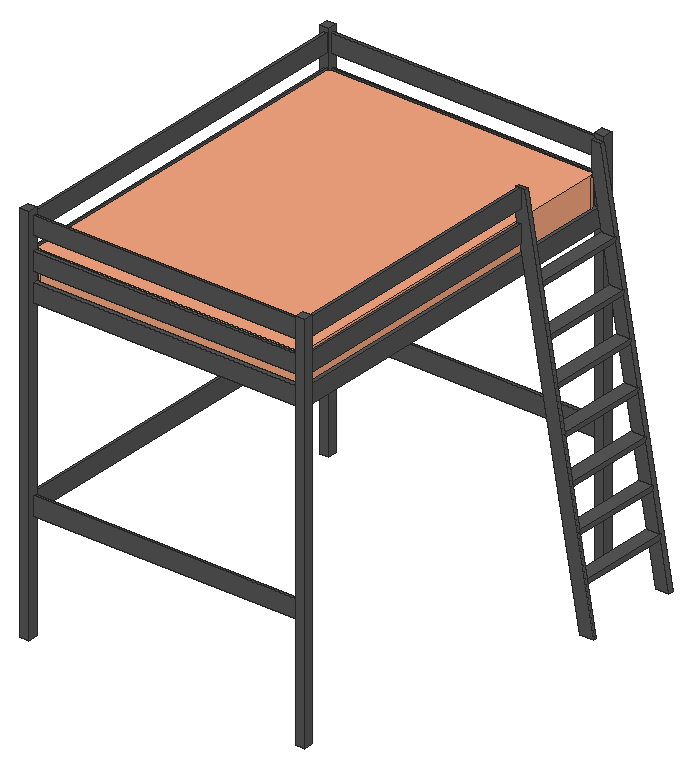
Revit family "IKEA Stora Loft Bed", category Furniture, Revit 2012
Parameters (values of type "82" x 36"")
  Assembly Code = "E2020200"
  Frame Material = Wood - Birch
  Height = 4' - 11"
  Length = 6' - 10"
  Mattress Material = Textile - White
  Width = 3' - 0"
Reference planes (in)
  plane 1: z = 0
  plane 2: z = 14
  plane 3: z = 59
Forms (in)
  Extrusion 1, solid, material "Textile - White"
    sketch origin (-141.8788, -8.22543, 50) x (1, 0, 0) y (0, 1, 0)
      loop
        arc (68.69078, 28.85458) -> (67.98368, 28.56168) -> (67.69078, 27.85458) r 1
        line (67.69078, 27.85458) -> (67.69078, -50.02042)
        arc (67.69078, -50.02042) -> (67.98368, -50.72753) -> (68.69078, -51.02042) r 1
        line (68.69078, -51.02042) -> (124.94078, -51.02042)
        arc (124.94078, -51.02042) -> (125.64789, -50.72753) -> (125.94078, -50.02042) r 1
        line (125.94078, -50.02042) -> (125.94078, 27.85458)
        arc (125.94078, 27.85458) -> (125.64789, 28.56168) -> (124.94078, 28.85458) r 1
        line (124.94078, 28.85458) -> (68.69078, 28.85458)
    from 16.25 to 26
  Extrusion 2, solid, material "Wood - Birch"
    sketch origin (-1.53286, 7.28262, 0) x (1, 0, 0) y (0, 1, 0)
      loop
        line (-74.65516, 15.34653) -> (-74.65516, 13.34653) -> (-72.65516, 13.34653) -> (-72.65516, 15.34653) -> (-74.65516, 15.34653)
    from 0 to 84
  Extrusion 3, solid, material "Wood - Birch"
    sketch origin (0, 0, 0) x (1, 0, 0) y (0, 1, 0)
      loop
        line (-74.18802, 20.62915) -> (-74.18802, -59.24585) -> (-15.93802, -59.24585) -> (-15.93802, 20.62915) -> (-74.18802, 20.62915)
      loop
        line (-75.18802, -60.24585) -> (-14.93802, -60.24585) -> (-14.93802, 21.62915) -> (-75.18802, 21.62915) -> (-75.18802, -60.24585)
    from 65.75 to 69.75
  Extrusion 4, solid, material "Wood - Birch"
    sketch origin (58.71714, -74.59238, 0) x (1, 0, 0) y (0, 1, 0)
      loop
        line (-74.65516, 15.34653) -> (-74.65516, 13.34653) -> (-72.65516, 13.34653) -> (-72.65516, 15.34653) -> (-74.65516, 15.34653)
    from 0 to 84
  Extrusion 5, solid, material "Wood - Birch"
    sketch origin (58.71714, 7.28262, 0) x (1, 0, 0) y (0, 1, 0)
      loop
        line (-74.65516, 15.34653) -> (-74.65516, 13.34653) -> (-72.65516, 13.34653) -> (-72.65516, 15.34653) -> (-74.65516, 15.34653)
    from 0 to 84
  Extrusion 6, solid, material "Wood - Birch"
    sketch origin (-1.53286, -74.59238, 0) x (1, 0, 0) y (0, 1, 0)
      loop
        line (-74.65516, 15.34653) -> (-74.65516, 13.34653) -> (-72.65516, 13.34653) -> (-72.65516, 15.34653) -> (-74.65516, 15.34653)
    from 0 to 84
  Extrusion 7, solid, material "Wood - Birch"
    sketch origin (0, 0, 0) x (1, 0, 0) y (0, 1, 0)
      loop
        line (-74.18802, 21.62915) -> (-74.18802, 21.12915) -> (-15.93802, 21.12915) -> (-15.93802, 21.62915) -> (-74.18802, 21.62915)
    from 72 to 76
  Extrusion 8, solid, material "Wood - Birch"
    sketch origin (0, 0, 0) x (1, 0, 0) y (0, 1, 0)
      loop
        line (-74.18802, 21.62915) -> (-74.18802, 21.12915) -> (-15.93802, 21.12915) -> (-15.93802, 21.62915) -> (-74.18802, 21.62915)
    from 79 to 83
  Extrusion 9, solid, material "Wood - Birch"
    sketch origin (0, -81.375, 0) x (1, 0, 0) y (0, 1, 0)
      loop
        line (-74.18802, 21.62915) -> (-74.18802, 21.12915) -> (-15.93802, 21.12915) -> (-15.93802, 21.62915) -> (-74.18802, 21.62915)
    from 72 to 76
  Extrusion 10, solid, material "Wood - Birch"
    sketch origin (0, -81.375, 0) x (1, 0, 0) y (0, 1, 0)
      loop
        line (-74.18802, 21.62915) -> (-74.18802, 21.12915) -> (-15.93802, 21.12915) -> (-15.93802, 21.62915) -> (-74.18802, 21.62915)
    from 79 to 83
  Extrusion 11, solid, material "Wood - Birch"
    sketch origin (-36.56717, -75.18387, 0) x (0, -1, 0) y (1, 0, 0)
      loop
        line (-74.18802, 21.62915) -> (-74.18802, 21.12915) -> (-15.93802, 21.12915) -> (-15.93802, 21.62915) -> (-74.18802, 21.62915)
    from 72 to 76
  Extrusion 12, solid, material "Wood - Birch"
    sketch origin (-36.56717, -75.18387, 0) x (0, -1, 0) y (1, 0, 0)
      loop
        line (-74.18802, 21.62915) -> (-74.18802, 21.12915) -> (-15.93802, 21.12915) -> (-15.93802, 21.62915) -> (-74.18802, 21.62915)
    from 79 to 83
  Extrusion 13, solid, material "Wood - Birch"
    sketch origin (-96.31717, -75.18387, 0) x (0, -1, 0) y (1, 0, 0)
      loop
        line (-95.81302, 21.62915) -> (-95.81302, 21.12915) -> (-15.93802, 21.12915) -> (-15.93802, 21.62915) -> (-95.81302, 21.62915)
    from 72 to 76
  Extrusion 14, solid, material "Wood - Birch"
    sketch origin (-96.31717, -75.18387, 0) x (0, -1, 0) y (1, 0, 0)
      loop
        line (-95.81302, 21.62915) -> (-95.81302, 21.12915) -> (-15.93802, 21.12915) -> (-15.93802, 21.62915) -> (-95.81302, 21.62915)
    from 79 to 83
  Extrusion 15, solid, material "Wood - Birch"
    sketch origin (0, -6.75, 0) x (1, 0, 0) y (0, 1, 0)
      loop
        line (-15.93802, -51.49585) -> (-15.93802, -49.49585) -> (-74.18802, -49.49585) -> (-74.18802, -51.49585) -> (-15.93802, -51.49585)
    from 65.75 to 66.25
  Extrusion 16, solid, material "Wood - Birch"
    sketch origin (0, -2.75, 0) x (1, 0, 0) y (0, 1, 0)
      loop
        line (-15.93802, -51.49585) -> (-15.93802, -49.49585) -> (-74.18802, -49.49585) -> (-74.18802, -51.49585) -> (-15.93802, -51.49585)
    from 65.75 to 66.25
  Extrusion 17, solid, material "Wood - Birch"
    sketch origin (0, 1.25, 0) x (1, 0, 0) y (0, 1, 0)
      loop
        line (-15.93802, -51.49585) -> (-15.93802, -49.49585) -> (-74.18802, -49.49585) -> (-74.18802, -51.49585) -> (-15.93802, -51.49585)
    from 65.75 to 66.25
  Extrusion 18, solid, material "Wood - Birch"
    sketch origin (0, 5.25, 0) x (1, 0, 0) y (0, 1, 0)
      loop
        line (-15.93802, -51.49585) -> (-15.93802, -49.49585) -> (-74.18802, -49.49585) -> (-74.18802, -51.49585) -> (-15.93802, -51.49585)
    from 65.75 to 66.25
  Extrusion 19, solid, material "Wood - Birch"
    sketch origin (0, 9.25, 0) x (1, 0, 0) y (0, 1, 0)
      loop
        line (-15.93802, -51.49585) -> (-15.93802, -49.49585) -> (-74.18802, -49.49585) -> (-74.18802, -51.49585) -> (-15.93802, -51.49585)
    from 65.75 to 66.25
  Extrusion 20, solid, material "Wood - Birch"
    sketch origin (0, 13.25, 0) x (1, 0, 0) y (0, 1, 0)
      loop
        line (-15.93802, -51.49585) -> (-15.93802, -49.49585) -> (-74.18802, -49.49585) -> (-74.18802, -51.49585) -> (-15.93802, -51.49585)
    from 65.75 to 66.25
  Extrusion 21, solid, material "Wood - Birch"
    sketch origin (0, 17.25, 0) x (1, 0, 0) y (0, 1, 0)
      loop
        line (-15.93802, -51.49585) -> (-15.93802, -49.49585) -> (-74.18802, -49.49585) -> (-74.18802, -51.49585) -> (-15.93802, -51.49585)
    from 65.75 to 66.25
  Extrusion 22, solid, material "Wood - Birch"
    sketch origin (0, 21.25, 0) x (1, 0, 0) y (0, 1, 0)
      loop
        line (-15.93802, -51.49585) -> (-15.93802, -49.49585) -> (-74.18802, -49.49585) -> (-74.18802, -51.49585) -> (-15.93802, -51.49585)
    from 65.75 to 66.25
  Extrusion 23, solid, material "Wood - Birch"
    sketch origin (0, 25.25, 0) x (1, 0, 0) y (0, 1, 0)
      loop
        line (-15.93802, -51.49585) -> (-15.93802, -49.49585) -> (-74.18802, -49.49585) -> (-74.18802, -51.49585) -> (-15.93802, -51.49585)
    from 65.75 to 66.25
  Extrusion 24, solid, material "Wood - Birch"
    sketch origin (0, 29.25, 0) x (1, 0, 0) y (0, 1, 0)
      loop
        line (-15.93802, -51.49585) -> (-15.93802, -49.49585) -> (-74.18802, -49.49585) -> (-74.18802, -51.49585) -> (-15.93802, -51.49585)
    from 65.75 to 66.25
  Extrusion 25, solid, material "Wood - Birch"
    sketch origin (0, 33.25, 0) x (1, 0, 0) y (0, 1, 0)
      loop
        line (-15.93802, -51.49585) -> (-15.93802, -49.49585) -> (-74.18802, -49.49585) -> (-74.18802, -51.49585) -> (-15.93802, -51.49585)
    from 65.75 to 66.25
  Extrusion 26, solid, material "Wood - Birch"
    sketch origin (0, 37.25, 0) x (1, 0, 0) y (0, 1, 0)
      loop
        line (-15.93802, -51.49585) -> (-15.93802, -49.49585) -> (-74.18802, -49.49585) -> (-74.18802, -51.49585) -> (-15.93802, -51.49585)
    from 65.75 to 66.25
  Extrusion 27, solid, material "Wood - Birch"
    sketch origin (0, 41.25, 0) x (1, 0, 0) y (0, 1, 0)
      loop
        line (-15.93802, -51.49585) -> (-15.93802, -49.49585) -> (-74.18802, -49.49585) -> (-74.18802, -51.49585) -> (-15.93802, -51.49585)
    from 65.75 to 66.25
  Extrusion 28, solid, material "Wood - Birch"
    sketch origin (0, 45.25, 0) x (1, 0, 0) y (0, 1, 0)
      loop
        line (-15.93802, -51.49585) -> (-15.93802, -49.49585) -> (-74.18802, -49.49585) -> (-74.18802, -51.49585) -> (-15.93802, -51.49585)
    from 65.75 to 66.25
  Extrusion 29, solid, material "Wood - Birch"
    sketch origin (0, 49.25, 0) x (1, 0, 0) y (0, 1, 0)
      loop
        line (-15.93802, -51.49585) -> (-15.93802, -49.49585) -> (-74.18802, -49.49585) -> (-74.18802, -51.49585) -> (-15.93802, -51.49585)
    from 65.75 to 66.25
  Extrusion 30, solid, material "Wood - Birch"
    sketch origin (0, 53.25, 0) x (1, 0, 0) y (0, 1, 0)
      loop
        line (-15.93802, -51.49585) -> (-15.93802, -49.49585) -> (-74.18802, -49.49585) -> (-74.18802, -51.49585) -> (-15.93802, -51.49585)
    from 65.75 to 66.25
  Extrusion 31, solid, material "Wood - Birch"
    sketch origin (0, 57.25, 0) x (1, 0, 0) y (0, 1, 0)
      loop
        line (-15.93802, -51.49585) -> (-15.93802, -49.49585) -> (-74.18802, -49.49585) -> (-74.18802, -51.49585) -> (-15.93802, -51.49585)
    from 65.75 to 66.25
  Extrusion 32, solid, material "Wood - Birch"
    sketch origin (0, 61.25, 0) x (1, 0, 0) y (0, 1, 0)
      loop
        line (-15.93802, -51.49585) -> (-15.93802, -49.49585) -> (-74.18802, -49.49585) -> (-74.18802, -51.49585) -> (-15.93802, -51.49585)
    from 65.75 to 66.25
  Extrusion 33, solid, material "Wood - Birch"
    sketch origin (0, 65.25, 0) x (1, 0, 0) y (0, 1, 0)
      loop
        line (-15.93802, -51.49585) -> (-15.93802, -49.49585) -> (-74.18802, -49.49585) -> (-74.18802, -51.49585) -> (-15.93802, -51.49585)
    from 65.75 to 66.25
  Extrusion 34, solid, material "Wood - Birch"
    sketch origin (0, 69.25, 0) x (1, 0, 0) y (0, 1, 0)
      loop
        line (-15.93802, -51.49585) -> (-15.93802, -49.49585) -> (-74.18802, -49.49585) -> (-74.18802, -51.49585) -> (-15.93802, -51.49585)
    from 65.75 to 66.25
  Extrusion 35, solid, material "Wood - Birch"
    sketch origin (0, -81.375, 0) x (1, 0, 0) y (0, 1, 0)
      loop
        line (-74.18802, 21.62915) -> (-74.18802, 21.12915) -> (-15.93802, 21.12915) -> (-15.93802, 21.62915) -> (-74.18802, 21.62915)
    from 24 to 28
  Extrusion 36, solid, material "Wood - Birch"
    sketch origin (0, 0, 0) x (1, 0, 0) y (0, 1, 0)
      loop
        line (-74.18802, 21.62915) -> (-74.18802, 21.12915) -> (-15.93802, 21.12915) -> (-15.93802, 21.62915) -> (-74.18802, 21.62915)
    from 24 to 28
  Extrusion 37, solid, material "Wood - Birch"
    sketch origin (-96.31717, -65.43387, 0) x (0, -1, 0) y (1, 0, 0)
      loop
        line (-86.06302, 21.62915) -> (-86.06302, 21.12915) -> (-6.18802, 21.12915) -> (-6.18802, 21.62915) -> (-86.06302, 21.62915)
    from 24 to 28
  Extrusion 38, solid, material "Wood - Birch"
    sketch origin (10.04948, 22.62915, -65) x (1, 0, 0) y (0, 0, -1)
      loop
        line (-12, -65) -> (-26, -142.53127) -> (-26, -148) -> (-23.9875, -148) -> (-9, -65) -> (-12, -65)
    from -2.875 to -2
  Extrusion 39, solid, material "Wood - Birch"
    sketch origin (10.06198, 22.62915, -65) x (1, 0, 0) y (0, 0, -1)
      loop
        line (-12, -65) -> (-26, -142.53127) -> (-26, -148) -> (-23.9875, -148) -> (-9, -65) -> (-12, -65)
    from -23.625 to -22.875
  Extrusion 40, solid, material "Wood - Birch"
    sketch origin (-2.54484, 0, 0) x (1, 0, 0) y (0, 1, 0)
      loop
        line (-11.18802, -0.24585) -> (-8.18802, -0.24585) -> (-8.18802, 19.75415) -> (-11.18802, 19.75415) -> (-11.18802, -0.24585)
    from 64.75 to 65.75
  Extrusion 41, solid, material "Wood - Birch"
    sketch origin (-0.78426, 0, 0) x (1, 0, 0) y (0, 1, 0)
      loop
        line (-11.18802, -0.24585) -> (-8.18802, -0.24585) -> (-8.18802, 19.75415) -> (-11.18802, 19.75415) -> (-11.18802, -0.24585)
    from 55 to 56
  Extrusion 42, solid, material "Wood - Birch"
    sketch origin (0.84089, 0, 0) x (1, 0, 0) y (0, 1, 0)
      loop
        line (-11.18802, -0.24585) -> (-8.18802, -0.24585) -> (-8.18802, 19.75415) -> (-11.18802, 19.75415) -> (-11.18802, -0.24585)
    from 46 to 47
  Extrusion 43, solid, material "Wood - Birch"
    sketch origin (2.46604, 0, 0) x (1, 0, 0) y (0, 1, 0)
      loop
        line (-11.18802, -0.24585) -> (-8.18802, -0.24585) -> (-8.18802, 19.75415) -> (-11.18802, 19.75415) -> (-11.18802, -0.24585)
    from 37 to 38
  Extrusion 44, solid, material "Wood - Birch"
    sketch origin (4.09119, 0, 0) x (1, 0, 0) y (0, 1, 0)
      loop
        line (-11.18802, -0.24585) -> (-8.18802, -0.24585) -> (-8.18802, 19.75415) -> (-11.18802, 19.75415) -> (-11.18802, -0.24585)
    from 28 to 29
  Extrusion 45, solid, material "Wood - Birch"
    sketch origin (5.71634, 0, 0) x (1, 0, 0) y (0, 1, 0)
      loop
        line (-11.18802, -0.24585) -> (-8.18802, -0.24585) -> (-8.18802, 19.75415) -> (-11.18802, 19.75415) -> (-11.18802, -0.24585)
    from 19 to 20
  Extrusion 46, solid, material "Wood - Birch"
    sketch origin (7.34149, 0, 0) x (1, 0, 0) y (0, 1, 0)
      loop
        line (-11.18802, -0.24585) -> (-8.18802, -0.24585) -> (-8.18802, 19.75415) -> (-11.18802, 19.75415) -> (-11.18802, -0.24585)
    from 10 to 11
Dimensions and locks (in)
  "Height": plane 1 to plane 3
  plane 3 to Extrusion 1 = 1' - 5"
  locked: Extrusion 1 sketch curve to Extrusion 1 sketch curve at 1  (x2)
Automatic sketch dimensions
  Extrusion 1 sketch curve to Extrusion 1 sketch curve = 0' - 1"  (x3)
  Extrusion 2 sketch curve to Extrusion 2 sketch curve = 0' - 2"  (x2)
  Extrusion 3 sketch curve to Extrusion 3 sketch curve = 0' - 1"  (x4)
  Extrusion 4 sketch curve to Extrusion 4 sketch curve = 0' - 2"  (x2)
  Extrusion 5 sketch curve to Extrusion 5 sketch curve = 0' - 2"  (x2)
  Extrusion 6 sketch curve to Extrusion 6 sketch curve = 0' - 2"  (x2)
  Extrusion 11 sketch curve to Extrusion 11 sketch curve = 0' - 0 1/2"
  Extrusion 12 sketch curve to Extrusion 12 sketch curve = 0' - 0 1/2"
  Extrusion 13 sketch curve to Extrusion 13 sketch curve = 0' - 0 1/2"
  Extrusion 14 sketch curve to Extrusion 14 sketch curve = 0' - 0 1/2"
  Extrusion 17 sketch curve to Extrusion 17 sketch curve = 0' - 2"
  Extrusion 18 sketch curve to Extrusion 18 sketch curve = 0' - 2"
  Extrusion 19 sketch curve to Extrusion 19 sketch curve = 0' - 2"
  Extrusion 20 sketch curve to Extrusion 20 sketch curve = 0' - 2"
  Extrusion 21 sketch curve to Extrusion 21 sketch curve = 0' - 2"
  Extrusion 22 sketch curve to Extrusion 22 sketch curve = 0' - 2"
  Extrusion 23 sketch curve to Extrusion 23 sketch curve = 0' - 2"
  Extrusion 27 sketch curve to Extrusion 27 sketch curve = 0' - 2"
  Extrusion 28 sketch curve to Extrusion 28 sketch curve = 0' - 2"
  Extrusion 37 sketch curve to Extrusion 37 sketch curve = 0' - 0 1/2"
  Extrusion 38 sketch curve to Extrusion 5 = 0' - 0"  (x2)
  Extrusion 5 to Extrusion 38 sketch curve = 0' - 0.0125"
  Extrusion 5 to Extrusion 38 sketch curve = 0' - 11.9875"
  Extrusion 38 sketch curve to Extrusion 38 sketch curve = 0' - 3"
  Extrusion 5 to Extrusion 38 sketch curve = 0' - 6 15/32"
  Extrusion 5 to Extrusion 38 sketch curve = 0' - 1"
  Extrusion 5 to Extrusion 39 sketch curve = 0' - 0"
  Extrusion 39 sketch curve to Extrusion 5 = 0' - 0"
  Extrusion 5 to Extrusion 39 sketch curve = 0' - 0.0125"
  Extrusion 5 to Extrusion 39 sketch curve = 1' - 0"
  Extrusion 39 sketch curve to Extrusion 39 sketch curve = 0' - 3"
  Extrusion 5 to Extrusion 39 sketch curve = 0' - 6 15/32"
  Extrusion 5 to Extrusion 39 sketch curve = 0' - 1"
  Extrusion 40 sketch curve to Extrusion 40 sketch curve = 0' - 3"
  Extrusion 41 sketch curve to Extrusion 41 sketch curve = 0' - 3"
  Extrusion 44 sketch curve to Extrusion 44 sketch curve = 0' - 3"
  Extrusion 45 sketch curve to Extrusion 45 sketch curve = 0' - 3"
  Extrusion 46 sketch curve to Extrusion 46 sketch curve = 0' - 3"
  Extrusion 7 sketch curve to Extrusion 7 sketch curve = 0' - 0 1/2"
  Extrusion 8 sketch curve to Extrusion 8 sketch curve = 0' - 0 1/2"
  Extrusion 24 sketch curve to Extrusion 24 sketch curve = 0' - 2"
  Extrusion 25 sketch curve to Extrusion 25 sketch curve = 0' - 2"
  Extrusion 26 sketch curve to Extrusion 26 sketch curve = 0' - 2"
  Extrusion 29 sketch curve to Extrusion 29 sketch curve = 0' - 2"
  Extrusion 30 sketch curve to Extrusion 30 sketch curve = 0' - 2"
  Extrusion 31 sketch curve to Extrusion 31 sketch curve = 0' - 2"
  Extrusion 32 sketch curve to Extrusion 32 sketch curve = 0' - 2"
  Extrusion 33 sketch curve to Extrusion 33 sketch curve = 0' - 2"
  Extrusion 34 sketch curve to Extrusion 34 sketch curve = 0' - 2"
  Extrusion 36 sketch curve to Extrusion 36 sketch curve = 0' - 0 1/2"
  Extrusion 40 sketch curve to Extrusion 40 sketch curve = 1' - 8"
  Extrusion 41 sketch curve to Extrusion 41 sketch curve = 1' - 8"
  Extrusion 42 sketch curve to Extrusion 42 sketch curve = 1' - 8"
  Extrusion 43 sketch curve to Extrusion 43 sketch curve = 1' - 8"
  Extrusion 44 sketch curve to Extrusion 44 sketch curve = 1' - 8"
  Extrusion 45 sketch curve to Extrusion 45 sketch curve = 1' - 8"
  Extrusion 46 sketch curve to Extrusion 46 sketch curve = 1' - 8"
  Extrusion 1 sketch curve to Extrusion 1 sketch curve = 4' - 8 1/4"
  Extrusion 3 sketch curve to Extrusion 3 sketch curve = 4' - 10 1/4"
  Extrusion 7 sketch curve to Extrusion 7 sketch curve = 4' - 10 1/4"
  Extrusion 8 sketch curve to Extrusion 8 sketch curve = 4' - 10 1/4"
  Extrusion 9 sketch curve to Extrusion 9 sketch curve = 4' - 10 1/4"
  Extrusion 10 sketch curve to Extrusion 10 sketch curve = 4' - 10 1/4"
  Extrusion 15 sketch curve to Extrusion 15 sketch curve = 4' - 10 1/4"
  Extrusion 16 sketch curve to Extrusion 16 sketch curve = 4' - 10 1/4"
  Extrusion 17 sketch curve to Extrusion 17 sketch curve = 4' - 10 1/4"
  Extrusion 18 sketch curve to Extrusion 18 sketch curve = 4' - 10 1/4"
  Extrusion 19 sketch curve to Extrusion 19 sketch curve = 4' - 10 1/4"
  Extrusion 20 sketch curve to Extrusion 20 sketch curve = 4' - 10 1/4"
  Extrusion 21 sketch curve to Extrusion 21 sketch curve = 4' - 10 1/4"
  Extrusion 22 sketch curve to Extrusion 22 sketch curve = 4' - 10 1/4"
  Extrusion 23 sketch curve to Extrusion 23 sketch curve = 4' - 10 1/4"
  Extrusion 24 sketch curve to Extrusion 24 sketch curve = 4' - 10 1/4"
  Extrusion 25 sketch curve to Extrusion 25 sketch curve = 4' - 10 1/4"
  Extrusion 26 sketch curve to Extrusion 26 sketch curve = 4' - 10 1/4"
  Extrusion 27 sketch curve to Extrusion 27 sketch curve = 4' - 10 1/4"
  Extrusion 28 sketch curve to Extrusion 28 sketch curve = 4' - 10 1/4"
  Extrusion 29 sketch curve to Extrusion 29 sketch curve = 4' - 10 1/4"
  Extrusion 30 sketch curve to Extrusion 30 sketch curve = 4' - 10 1/4"
  Extrusion 31 sketch curve to Extrusion 31 sketch curve = 4' - 10 1/4"
  Extrusion 32 sketch curve to Extrusion 32 sketch curve = 4' - 10 1/4"
  Extrusion 33 sketch curve to Extrusion 33 sketch curve = 4' - 10 1/4"
  Extrusion 34 sketch curve to Extrusion 34 sketch curve = 4' - 10 1/4"
  Extrusion 35 sketch curve to Extrusion 35 sketch curve = 4' - 10 1/4"
  Extrusion 36 sketch curve to Extrusion 36 sketch curve = 4' - 10 1/4"
  Extrusion 42 sketch curve to Extrusion 42 sketch curve = 0' - 3"
  Extrusion 43 sketch curve to Extrusion 43 sketch curve = 0' - 3"
  Extrusion 1 sketch curve to Extrusion 1 sketch curve = 6' - 5 7/8"
  Extrusion 3 sketch curve to Extrusion 3 sketch curve = 6' - 7 7/8"
  Extrusion 9 sketch curve to Extrusion 9 sketch curve = 0' - 0 1/2"
  Extrusion 10 sketch curve to Extrusion 10 sketch curve = 0' - 0 1/2"
  Extrusion 11 sketch curve to Extrusion 11 sketch curve = 4' - 10 1/4"
  Extrusion 12 sketch curve to Extrusion 12 sketch curve = 4' - 10 1/4"
  Extrusion 13 sketch curve to Extrusion 13 sketch curve = 6' - 7 7/8"
  Extrusion 14 sketch curve to Extrusion 14 sketch curve = 6' - 7 7/8"
  Extrusion 15 sketch curve to Extrusion 15 sketch curve = 0' - 2"
  Extrusion 16 sketch curve to Extrusion 16 sketch curve = 0' - 2"
  Extrusion 35 sketch curve to Extrusion 35 sketch curve = 0' - 0 1/2"
  Extrusion 37 sketch curve to Extrusion 37 sketch curve = 6' - 7 7/8"
